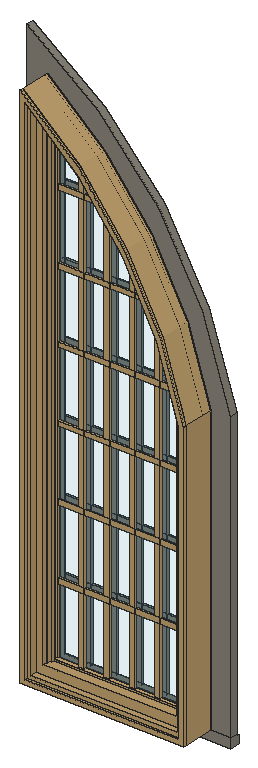
Revit family
Parameters (values of type "CUCART25")
  Window Type = "Clad Ultimate Casement Round Top RT25"
  Void Offset 2 = if(Subsill Visibility, 0' 0", 0' 9")  # 0' - 0"
  Void Offset = if(Casing Visibility, 0' 0", 0' 9")  # 0' - 0"
  URL = "www.marvin.com"
  Subsill Height_2 = if(Subsill A217, 0' 1 11/32", 0' 0 9/16")  # 0' - 1 11/32"
  Subsill Height = if(Subsill A217 Visibility, 0' 1 11/32", if(Subsill A246 Visibility, 0' 0 9/16", 0' 0"))  # 0' - 1 11/32"
  Subsill A246 Visibility = and(Subsill Visibility, Subsill A246)  # no
  Subsill A217 Visibility = and(Subsill Visibility, Subsill A217)  # yes
  Radius = 5' - 0"
  Plan Swing Angle [instance] = 15.00°
  Muntins Interior Visibility = yes
  Muntins Interior Material = Wood-Marvin-Pine
  Muntins Exterior Visibility = yes
  Muntins Exterior Material = Aluminum-Marvin-Bronze
  Mask Offset [instance] = if(Inset to Installation Flange = 0' 1 3/32", 0' 0 1/32", 0' 0")  # 0' - 0"
  Lites Wide = 5
  Lites High = 7
  Interior Material = Wood-Marvin-Pine
  Frame = "Aluminum Clad"
  Flat Casing Visibility = and(Casing Visibility, Flat Casing)  # yes
  Egress Window = ""
  Design Pressure = "DP50"
  Cladding Material = Aluminum-Marvin-Bronze
  Center_V = sin(Angle 3) * Radius  # 1' - 1.04339"
  Center_H = cos(Angle 3) * Radius  # 4' - 10.56509"
  Casing Width_2 = if(BMC, 0' 1 5/16", 0' 3")  # 0' - 3"
  Casing Visibility = yes
  Subsill Visibility = yes
  BMC Visibility = and(Casing Visibility, BMC)  # no
  BMC = no
  Flat Casing = not(BMC)  # yes
  Subsill A246 = no
  Subsill A217 = not(Subsill A246)  # yes
  Plan Swing Visibility [instance] = yes
  Glazing Material = Glass-Marvin-IG Low E II with Argon
  Springline = 3' - 6"
  Nominal Width = 2' - 0"
  Nominal Height = 6' - 6"
  Model = "CUCART25"
  Mask [instance] = Inset to Installation Flange > 0' 1 3/32"  # no
  Manufacturer = "Marvin Windows and Doors"
  Label Visibility = no
  Glass Type = "IG Low E II with Argon"
  Family created by = "www.rbuiltcomponents.com"
  Rough Width = Width + 0' 1"  # 2' - 1"
  Rough Height = Height + 0' 0 1/2"  # 6' - 6 1/2"
  Jamb Extension Visibility = yes
  Inset to Installation Flange [instance] = 0' - 1"
  Height = Nominal Height  # 6' - 6"
  Elev Swing Visibility [instance] = yes
  Description = "CSMT RT25"
  Default Head Height = 8' - 0"
  Wall Closure = (empty or 0)
  Width = Nominal Width  # 2' - 0"
  DLO Width = Width - 0' 5 13/16"  # 1' - 6 3/16"
  DLO Height = Height - 0' 5 13/16"  # 6' - 0 3/16"
  Casing Width = if(BMC Visibility, 0' 1 5/16", if(Flat Casing Visibility, 0' 3", 0' 0"))  # 0' - 3"
  Assembly Code = ""
  Bulge = Radius - (sqrt(Radius ^ 2 - (Chord ^ 2 / 4)))  # 0' - 4.03573"
  Chord = sqrt((Height - Springline) ^ 2 + Width ^ 2)  # 3' - 7.26662"
  Angle 3 = Angle 1 - Angle 2  # 12.5558°
  Angle 2 = asin(0.5 * Chord / Radius)  # 21.1343°
  Angle 1 = asin(Width / Chord)  # 33.6901°
Reference planes (in)
  plane 1 "Center (Front/Back)": y = 0
  plane 2: z = 0
  plane 3 "Center (Left/Right)": x = -3
  plane 4 "Left": x = -15
  plane 5 "Right": x = 9
  plane 6 "Sill": z = 18
  plane 7 "Top": z = 96
  plane 8 "Inset": y = 2
  plane 9 "Glazing": y = 1.53125
  plane 10 "Jamb Ext Face": y = -2.5625
  plane 11: z = 57
  plane 12: z = 60
  plane 13: y = -2.59375
  plane 14: x = -49.56509
  plane 15: z = 46.95661
Forms (in)
  Sweep 1, solid, material "Wood-Marvin-Pine" <- "Interior Material"
    path origin (0, 2, 0) x (1, 0, 0) y (0, 0, 1)
      loop
        line (-15, 96) -> (-15, 18) -> (9, 18) -> (9, 60)
        arc (9, 60) -> (0.35793, 80.23862) -> (-15, 96) r 60
    profile "Profile_Ext_Clad_Frame : Profile_Ext_Clad_Frame" origin (-15, 2, 57) x (1, 0, 0) y (0, -1, 0)
      loop
        line (0, 4.56199) -> (0, 0.0625) -> (0.0625, 0.0625) -> (0.0625, 0) -> (0, 0) -> (0, -1.09401) -> (0.52105, -1.09401) -> (0.6063, 0.125) -> (2.696, 0.125) -> (2.696, 0.22017) -> (2.90625, 0.43042) -> (2.90625, 0.47297) -> (2.208, 0.47297) -> (2.208, 1.50299) -> (2.90625, 1.50299) -> (2.90625, 1.66374) -> (2.677, 1.89299) -> (2.677, 2) -> (2.5005, 2) -> (2.5005, 2.34399) -> (2.313, 2.34399) -> (2.313, 2.87449) -> (2.1255, 2.87449) -> (2.1255, 3.53074) -> (1.188, 3.53074) -> (1.188, 4.56199) -> (0, 4.56199)
  Extrusion 2, solid, material "Glass-Marvin-IG Low E II with Argon" <- "Glazing Material"
    sketch origin (0, 1.53125, 0) x (1, 0, 0) y (0, 0, 1)
      loop
        line (9, 18) -> (9, 60)
        arc (9, 60) -> (0.35793, 80.23862) -> (-15, 96) r 60
        line (-15, 96) -> (-15, 18) -> (9, 18)
    from 0 to 1.03424
  Extrusion 3, void
    sketch origin (0, 0, 0) x (1, 0, 0) y (0, 0, 1)
      loop
        line (9, 18) -> (9, 60)
        arc (9, 60) -> (0.35793, 80.23862) -> (-15, 96) r 60
        line (-15, 96) -> (-15, 18) -> (9, 18)
    from -3 to 3
  Sweep 4, solid, material "Aluminum-Marvin-Bronze" <- "Cladding Material", visible <- "BMC Visibility"
    path origin (0, 2, 0) x (1, 0, 0) y (0, 0, 1)
      loop
        line (9, 18) -> (9, 60)
        arc (9, 60) -> (0.35793, 80.23862) -> (-15, 96) r 60
        line (-15, 96) -> (-15, 18)
    profile "BMC_Clad : BMC_Clad" origin (-15, 2, 57) x (1, 0, 0) y (0, -1, 0)
      loop
        line (-0.71589, -1.25) -> (-0.38081, -1.09375) -> (0, -1.09375) -> (0, 0) -> (-1.3125, 0) -> (-1.3125, -1.25) -> (-0.71589, -1.25)
  Sweep 5, solid, material "Aluminum-Marvin-Bronze" <- "Cladding Material", visible <- "Flat Casing Visibility"
    path origin (0, 2, 0) x (1, 0, 0) y (0, 0, 1)
      loop
        line (-15, 18) -> (-15, 96)
        arc (-15, 96) -> (0.35793, 80.23862) -> (9, 60) r 60
        line (9, 60) -> (9, 18)
    profile "Flat_Casing_Clad : Flat_Casing_Clad" origin (9, 2, 39) x (1, 0, 0) y (0, -1, 0)
      loop
        line (3, -1.09375) -> (3, 0) -> (0, 0) -> (0, -1.09375) -> (3, -1.09375)
  Sweep 6, solid, material "Aluminum-Marvin-Bronze" <- "Cladding Material", visible <- "Subsill Visibility"
    path origin (0, 2, 0) x (1, 0, 0) y (0, 0, 1)
      loop
        line (12, 18) -> (-18, 18)
    profile origin (-3, 2, 18) x (0, 0, -1) y (0, -1, 0)
      loop
        line (0, 0) -> (0, -1.09401) -> (0.15265, -1.09401) -> (0.1875, -1.34375) -> (1.34375, -1.34375) -> (1.34375, 0) -> (0, 0)
  Sweep 7, solid, material "Wood-Marvin-Pine" <- "Interior Material"
    path in 3D
      loop
        line (-12.8745, -1.53074, 20.1255) -> (6.8745, -1.53074, 20.1255)
    profile "Profile_Sill_Close : Profile_Sill_Close" origin (-3, -1.53074, 20.1255) x (0, 1, 0) y (0, 0, 1)
      loop
        line (0, 0) -> (0.65625, 0) -> (0.65625, 0.1875) -> (1.18675, 0.1875) -> (1.18675, 0.375) -> (0, 0.375) -> (0, 0)
  Sweep 8, void
    path origin (0, 2, 0) x (1, 0, 0) y (0, 0, 1)
      loop
        line (-15, 18) -> (-15, 96)
        arc (-15, 96) -> (0.35793, 80.23862) -> (9, 60) r 60
        line (9, 60) -> (9, 18)
    profile origin (9, 2, 39) x (0, -1, 0) y (1, 0, 0)
      loop
        line (0, 0) -> (0, 3) -> (-13, 3) -> (-13, 0) -> (0, 0)
  Sweep 9, void
    path origin (0, 2, 0) x (1, 0, 0) y (0, 0, 1)
      loop
        line (-18, 18) -> (12, 18)
    profile origin (-3, 2, 18) x (0, 0, 1) y (0, -1, 0)
      loop
        line (0, 0) -> (-1.34375, 0) -> (-1.34375, -12) -> (0, -12) -> (0, 0)
  Sweep 10, solid, material "Wood-Marvin-Pine" <- "Interior Material", visible <- "Jamb Extension Visibility"
    path origin (0, -2.5625, 0) x (1, 0, 0) y (0, 0, 1)
      loop
        line (9, 18) -> (9, 60)
        arc (9, 60) -> (0.35793, 80.23862) -> (-15, 96) r 60
        line (-15, 96) -> (-15, 18) -> (9, 18)
    profile origin (-3, -2.5625, 18) x (0, 0, -1) y (0, -1, 0)
      loop
        line (0, 0.03125) -> (0, 0.4375) -> (-0.6875, 0.4375) -> (-0.6875, 0.03125) -> (0, 0.03125)
Cuts and joins
  joined: Sweep 1, Sweep 7
Lines and regions (in)
  Masking region 1
    outline origin (0, 0, 18) x (0, -1, 0) y (1, 0, 0)
      loop
        line (-3.09401, -15) -> (2.59375, -15) -> (2.59375, 9) -> (-3.09401, 9) -> (-3.09401, -15)
  Masking region 2
    outline origin (-3, 0, 0) x (0, 1, 0) y (0, 0, 1)
      loop
        line (3.09375, 96) -> (-2.5625, 96) -> (-2.5625, 18) -> (3.09375, 18) -> (3.09375, 96)
  Masking region 3, visible <- "Mask"
    outline origin (0, 0, 18) x (0, -1, 0) y (1, 0, 0)
      loop
        line (-3.09401, -18) -> (-3, -18) -> (-3, 12) -> (-3.09401, 12) -> (-3.09401, -18)
  Masking region 4, visible <- "Mask"
    outline origin (-3, 0, 0) x (0, 1, 0) y (0, 0, 1)
      loop
        line (3.09375, 99) -> (3, 99) -> (3, 16.65625) -> (3.09375, 16.65625) -> (3.09375, 99)
  Masking region 5, visible <- "Casing Visibility"
    outline origin (0, 0, 18) x (0, -1, 0) y (1, 0, 0)
      loop
        line (-3.09401, -18) -> (-2, -18) -> (-2, -15) -> (-3.09401, -15) -> (-3.09401, -18)
      loop
        line (-3.09401, 9) -> (-2, 9) -> (-2, 12) -> (-3.09401, 12) -> (-3.09401, 9)
  Masking region 6, visible <- "Subsill Visibility"
    outline origin (-3, 0, 0) x (0, 1, 0) y (0, 0, 1)
      loop
        line (3.34375, 16.65625) -> (3.34375, 17.8125) -> (3.09401, 17.84735) -> (3.09401, 18) -> (2, 18) -> (2, 16.65625) -> (3.34375, 16.65625)
  Masking region 7, visible <- "Casing Visibility"
    outline origin (-3, 0, 0) x (0, 1, 0) y (0, 0, 1)
      loop
        line (3.09375, 99) -> (2, 99) -> (2, 96) -> (3.09375, 96) -> (3.09375, 99)
  Masking region 8
    outline origin (0, 0, 18) x (0, -1, 0) y (1, 0, 0)
      loop
        line (2.59375, -15) -> (3, -15) -> (3, 9) -> (2.59375, 9) -> (2.59375, -15)
  Masking region 9
    outline origin (-3, 0, 0) x (0, 1, 0) y (0, 0, 1)
      loop
        line (-2.59375, 96) -> (-3, 96) -> (-3, 18) -> (-2.59375, 18) -> (-2.59375, 96)
  symbolic lines, style "Jamb Extension", visible <- "Jamb Extension Visibility", detail levels fine
    curve 1: line (-3, -3, 95.3125) -> (-3, -2.59375, 95.3125)
    curve 2: line (-3, -3, 18.6875) -> (-3, -2.59375, 18.6875)
    curve 49: line (-14.3125, -2.59375, 18) -> (-14.3125, -3, 18)
    curve 50: line (8.3125, -3, 18) -> (8.3125, -2.59375, 18)
    curve 51: line (9, -3, 18) -> (8.3125, -3, 18)
    curve 52: line (-14.3125, -3, 18) -> (-15, -3, 18)
  symbolic lines, style "WindowsFrameMullionProjection", detail levels coarse+medium
    curve 3: line (9, -2.5625, 18) -> (7.812, -2.5625, 18)
    curve 4: line (7.812, -2.5625, 18) -> (7.812, 3.09401, 18)
    curve 5: line (7.812, 3.09401, 18) -> (9, 3.09401, 18)
    curve 6: line (7.812, 1.875, 18) -> (6.09375, 1.875, 18)
    curve 7: line (6.09375, 1.875, 18) -> (6.09375, 0, 18)
    curve 8: line (-13.812, 0, 18) -> (-12.09375, 0, 18)
    curve 9: line (-15, -2.5625, 18) -> (-13.812, -2.5625, 18)
    curve 10: line (-13.812, -2.5625, 18) -> (-13.812, 3.09401, 18)
    curve 11: line (-13.812, 3.09401, 18) -> (-15, 3.09401, 18)
    curve 12: line (-12.09375, 1.875, 18) -> (-12.09375, 0, 18)
    curve 13: line (-3, 3.09401, 96) -> (-3, 3.09401, 94.812)
    curve 14: line (-3, 3.09401, 94.812) -> (-3, -2.5625, 94.812)
    curve 15: line (-3, -2.5625, 94.812) -> (-3, -2.5625, 96)
    curve 16: line (-3, 1.875, 94.812) -> (-3, 1.875, 93.09375)
    curve 17: line (-3, 1.875, 93.09375) -> (-3, 0, 93.09375)
    curve 18: line (-3, 0, 19.188) -> (-3, 0, 20.90625)
    curve 19: line (-3, 3.09401, 18) -> (-3, 3.09401, 19.188)
    curve 20: line (-3, 3.09401, 19.188) -> (-3, -2.5625, 19.188)
    curve 21: line (-3, -2.5625, 19.188) -> (-3, -2.5625, 18)
    curve 22: line (-3, 1.875, 20.90625) -> (-3, 0, 20.90625)
    curve 23: line (6.09375, 1.875, 18) -> (-12.09375, 1.875, 18)
    curve 24: line (6.09375, 0, 18) -> (7.812, 0, 18)
    curve 25: line (-12.09375, 1.875, 18) -> (-13.812, 1.875, 18)
    curve 26: line (-3, 0, 20.90625) -> (-3, 0, 93.09375)
    curve 27: line (-3, 1.875, 20.90625) -> (-3, 1.875, 19.188)
    curve 28: line (-3, 0, 93.09375) -> (-3, 0, 94.812)
    curve 29: line (-3, 1.875, 93.09375) -> (-3, 1.875, 20.90625)
    curve 38: line (-12.09375, 0, 18) -> (6.09375, 0, 18)
    curve 73: line (-3, -3, 96) -> (-3, 3.09375, 96)
    curve 84: line (-15, 3.09375, 18) -> (-15, -3, 18)
    curve 85: line (9, -3, 18) -> (9, 3.09375, 18)
  symbolic lines, style "Jamb Extension", visible <- "Jamb Extension Visibility"
    curve 30: line (-3, -3, 18.6875) -> (-3, -3, 18)
    curve 31: line (-3, -3, 95.3125) -> (-3, -3, 96)
  symbolic lines, style "WindowsFrameMullionProjection", visible <- "Jamb Extension Visibility", detail levels coarse+medium
    curve 32: line (-3, -2.59375, 95.3125) -> (-3, -3, 95.3125)
    curve 33: line (-3, -3, 95.3125) -> (-3, -3, 96)
    curve 34: line (-3, -2.59375, 18.6875) -> (-3, -3, 18.6875)
    curve 35: line (-3, -3, 18.6875) -> (-3, -3, 18)
    curve 53: line (-14.3125, -2.59375, 18) -> (-14.3125, -3, 18)
    curve 54: line (-15, -3, 18) -> (-14.3125, -3, 18)
    curve 55: line (8.3125, -3, 18) -> (8.3125, -2.59375, 18)
    curve 56: line (8.3125, -3, 18) -> (9, -3, 18)
  symbolic lines, style "Elevation Swing", visible <- "Elev Swing Visibility"
    curve 36: line (-14.3937, 0, 57) -> (8.3937, 0, 18.6063)
    curve 91: line (-14.3937, 0, 57) -> (0.35793, 0, 80.23862)
  symbolic lines, style "WindowsGlassProjection", detail levels coarse+medium
    curve 37: line (-12.09375, 0.9375, 18) -> (6.09375, 0.9375, 18)
    curve 69: line (-3, 0.9375, 20.90625) -> (-3, 0.9375, 93.09375)
  symbolic lines, style "Jamb Extension", visible <- "BMC Visibility", detail levels fine
    curve 39: line (-16.3125, 3.25, 18) -> (-15.71589, 3.25, 18)
    curve 40: line (-15.71589, 3.25, 18) -> (-15.38081, 3.09375, 18)
    curve 41: line (-16.3125, 3.09401, 18) -> (-16.3125, 3.25, 18)
    curve 42: line (9.71589, 3.25, 18) -> (10.3125, 3.25, 18)
    curve 43: line (9.38081, 3.09375, 18) -> (9.71589, 3.25, 18)
    curve 44: line (10.3125, 3.25, 18) -> (10.3125, 3.09401, 18)
    curve 45: line (-15.38081, 3.09375, 18) -> (-15, 3.09375, 18)
    curve 46: line (9.38081, 3.09375, 18) -> (9, 3.09375, 18)
    curve 75: line (-3, 3.25, 96.65144) -> (-3, 3.25, 99)
    curve 76: line (-3, 3.09375, 96) -> (-3, 3.09375, 96.38081)
    curve 77: line (-3, 3.09375, 96.38081) -> (-3, 3.25, 96.65144)
    curve 78: line (-3, 3.25, 99) -> (-3, 3.09375, 99)
  symbolic lines, style "Jamb Extension", visible <- "Flat Casing Visibility", detail levels fine
    curve 47: line (-15, 3.09401, 18) -> (-18, 3.09401, 18)
    curve 48: line (12, 3.09401, 18) -> (9, 3.09401, 18)
    curve 82: line (-3, 3.09375, 96) -> (-3, 3.09375, 99)
    curve 83: line (-3, 3.09375, 99) -> (-3, 2, 99)
  symbolic lines, style "WindowsFrameMullionProjection", visible <- "BMC Visibility", detail levels coarse+medium
    curve 57: line (-16.3125, 2, 18) -> (-16.3125, 3.25, 18)
    curve 58: line (-16.3125, 3.25, 18) -> (-15.71589, 3.25, 18)
    curve 59: line (-15.71589, 3.25, 18) -> (-15.38081, 3.09375, 18)
    curve 60: line (-15.38081, 3.09375, 18) -> (-15, 3.09375, 18)
    curve 61: line (10.3125, 3.25, 18) -> (10.3125, 2, 18)
    curve 62: line (9.38081, 3.09375, 18) -> (9.71589, 3.25, 18)
    curve 63: line (9.71589, 3.25, 18) -> (10.3125, 3.25, 18)
    curve 64: line (9, 3.09375, 18) -> (9.38081, 3.09375, 18)
    curve 70: line (-3, 3.25, 96.65144) -> (-3, 3.25, 99)
    curve 71: line (-3, 3.09375, 96) -> (-3, 3.09375, 96.38081)
    curve 72: line (-3, 3.09375, 96.38081) -> (-3, 3.25, 96.65144)
    curve 74: line (-3, 3.25, 99) -> (-3, 2, 99)
  symbolic lines, style "WindowsFrameMullionProjection", visible <- "Flat Casing Visibility", detail levels coarse+medium
    curve 65: line (12, 3.09401, 18) -> (9, 3.09401, 18)
    curve 66: line (12, 3.09401, 18) -> (12, 2, 18)
    curve 67: line (-18, 2, 18) -> (-18, 3.09401, 18)
    curve 68: line (-15, 3.09401, 18) -> (-18, 3.09401, 18)
    curve 80: line (-3, 3.09375, 96) -> (-3, 3.09375, 99)
    curve 81: line (-3, 3.09375, 99) -> (-3, 2, 99)
  symbolic lines, style "WindowsFrameMullionProjection", visible <- "Casing Visibility", detail levels coarse+medium
    curve 79: line (-3, 2, 99) -> (-3, 2, 96)
  symbolic lines, style "WindowsFrameMullionProjection", visible <- "Subsill Visibility", detail levels coarse+medium
    curve 86: line (-3, 3.09401, 17.84735) -> (-3, 3.09401, 18)
    curve 87: line (-3, 3.34375, 17.8125) -> (-3, 3.09401, 17.84735)
    curve 88: line (-3, 3.34375, 16.65625) -> (-3, 3.34375, 17.8125)
    curve 89: line (-3, 2, 16.65625) -> (-3, 3.34375, 16.65625)
  sketch lines
    curve 90: line (-12.8745, -1.53074, 20.1255) -> (6.8745, -1.53074, 20.1255)
  reference lines
    curve 92: line (9, 2, 60) -> (-15, 2, 96)
    curve 93: arc (9, 2, 60) -> (0.35793, 2, 80.23862) -> (-15, 2, 96) r 60
Text (in)
  text "EXTERIOR" at (-58.6888, 50.90694, 0), in view "Ref. Level"
  text "INTERIOR" at (-58.6888, -37.76638, 0), in view "Ref. Level"
  text "Exterior" at (0, 43.65631, 123.19604), in view "Left"
  text "Exterior" at (0, 18.29385, 125.04747), in view "Right"
Dimensions and locks (in)
  equal spacing: plane 4 "Left", plane 3 "Center (Left/Right)", plane 5 "Right"
  "Width": plane 4 "Left" to plane 5 "Right"
  "Height": plane 6 "Sill" to plane 7 "Top"
  "Inset to Installation Flange": host wall to plane 8 "Inset"
  locked: plane 9 "Glazing" to plane 8 "Inset" at 0.46875
  locked: plane 10 "Jamb Ext Face" to plane 8 "Inset" at 4.5625
  "Default Head Height": plane 2 to plane 7 "Top"
  locked: nested 2 to host wall at 12.00106
  locked: plane 9 "Glazing" to Extrusion 2 at 1.03424
  locked: curve 32 to plane 7 "Top" at 0.6875
  locked: plane 6 "Sill" to curve 34 at 0.6875
  equal spacing: plane 6 "Sill", plane 11, plane 7 "Top"
  "Casing Width": plane 5 "Right" to Sweep 6 sketch curve
  "Casing Width": Sweep 6 sketch curve to plane 4 "Left"
  locked: Sweep 6 sketch curve to Sweep 6 sketch curve at 1.34375
  "Subsill Height_2": Sweep 6 sketch curve to plane 6 "Sill"
  "Casing Width": Masking region 3 sketch curve to plane 4 "Left"
  "Casing Width": plane 5 "Right" to Masking region 3 sketch curve
  "Casing Width_2": Masking region 5 sketch curve to plane 4 "Left"
  "Casing Width_2": plane 5 "Right" to Masking region 5 sketch curve
  "Subsill Height": Masking region 4 sketch curve to plane 6 "Sill"
  "Casing Width": plane 7 "Top" to Masking region 4 sketch curve
  "Casing Width_2": plane 7 "Top" to Masking region 7 sketch curve
  locked: nested 5 to plane 9 "Glazing" at 1.03125
  "Casing Width_2": plane 5 "Right" to Sweep 8 sketch curve
  "Void Offset": plane 8 "Inset" to Sweep 8 sketch curve
  locked: Sweep 8 sketch curve to host wall at 12
  "Casing Width": Sweep 9 sketch curve to plane 4 "Left"
  "Casing Width": plane 5 "Right" to Sweep 9 sketch curve
  locked: Sweep 9 sketch curve to plane 8 "Inset" at 12
  "Void Offset 2": Sweep 9 sketch curve to plane 8 "Inset"
  "Subsill Height_2": Sweep 9 sketch curve to plane 6 "Sill"
  "Springline": plane 6 "Sill" to plane 12
  locked: Sweep 10 sketch curve to profile plane at 0.6875
  locked: plane 13 to plane 10 "Jamb Ext Face" at 0.03125
  "Mask Offset": Masking region 3 sketch curve to host wall
  "Mask Offset": Masking region 4 sketch curve to host wall
  "Center_H": plane 14 to plane 5 "Right"
  "Center_V": plane 15 to plane 12
  "Radius": curve 93 to curve 91
  "Radius": radius of curve 93
  aligned and locked: nested 1 to plane 3 "Center (Left/Right)"
  aligned and locked: plane 8 "Inset" to nested 1
  aligned and locked: Sweep 1 sketch curve to plane 6 "Sill"
  aligned and locked: plane 5 "Right" to Sweep 1 sketch curve
  aligned and locked: plane 5 "Right" to Masking region 1 sketch curve
  aligned and locked: Masking region 1 sketch curve to plane 4 "Left"
  aligned and locked: plane 7 "Top" to Masking region 2 sketch curve
  aligned and locked: Masking region 2 sketch curve to plane 6 "Sill"
  aligned and locked: plane 3 "Center (Left/Right)" to nested 2
  aligned and locked: curve 21 to plane 10 "Jamb Ext Face"
  aligned and locked: plane 6 "Sill" to curve 30
  aligned and locked: curve 30 to host wall
  aligned and locked: host wall to curve 33
  aligned and locked: plane 6 "Sill" to curve 35
  aligned and locked: Extrusion 2 to plane 9 "Glazing"
  aligned and locked: plane 9 "Glazing" to Extrusion 2
  aligned and locked: nested 3 to plane 6 "Sill"
  aligned and locked: curve 14 to nested 3
  aligned and locked: curve 13 to nested 3
  aligned and locked: curve 16 to nested 3
  aligned and locked: curve 28 to nested 3
  aligned and locked: curve 17 to nested 3
  aligned and locked: curve 19 to nested 3
  aligned and locked: curve 20 to nested 3
  aligned and locked: curve 22 to nested 3
  aligned and locked: curve 27 to nested 3
  aligned and locked: nested 3 to curve 18
  aligned and locked: host wall to Extrusion 3  (x2)
  aligned and locked: plane 5 "Right" to Extrusion 3 sketch curve
  aligned and locked: Extrusion 3 sketch curve to plane 6 "Sill"
  aligned and locked: Extrusion 3 sketch curve to plane 4 "Left"
  aligned and locked: plane 5 "Right" to Sweep 4 sketch curve
  aligned and locked: Sweep 4 sketch curve to plane 4 "Left"
  aligned and locked: plane 6 "Sill" to Sweep 4 sketch curve  (x2)
  aligned and locked: plane 6 "Sill" to Sweep 5 sketch curve  (x2)
  aligned and locked: Sweep 5 sketch curve to plane 4 "Left"
  aligned and locked: plane 6 "Sill" to Sweep 6 sketch curve  (x2)
  aligned and locked: Sweep 6 sketch curve to plane 8 "Inset"
  aligned and locked: Masking region 3 sketch curve to Sweep 1
  aligned and locked: Masking region 1 sketch curve to Sweep 1
  aligned and locked: plane 4 "Left" to Masking region 5 sketch curve
  aligned and locked: Masking region 5 sketch curve to Sweep 1  (x2)
  aligned and locked: Masking region 5 sketch curve to plane 8 "Inset"  (x2)
  aligned and locked: Masking region 5 sketch curve to plane 5 "Right"
  aligned and locked: curve 7 to curve 37
  aligned and locked: curve 12 to curve 38
  aligned and locked: curve 8 to curve 38
  aligned and locked: curve 39 to Sweep 4
  aligned and locked: Sweep 4 to curve 40
  aligned and locked: Sweep 4 to curve 41
  aligned and locked: Sweep 1 to curve 41
  aligned and locked: curve 43 to Sweep 4
  aligned and locked: curve 44 to Sweep 1
  aligned and locked: curve 46 to Sweep 4
  aligned and locked: plane 5 "Right" to curve 46
  aligned and locked: curve 47 to Masking region 5
  aligned and locked: curve 57 to Sweep 4
  aligned and locked: curve 60 to Sweep 4
  aligned and locked: curve 61 to Sweep 4
  aligned and locked: curve 65 to Masking region 5
  aligned and locked: curve 66 to Sweep 5
  aligned and locked: curve 67 to Sweep 5
  aligned and locked: Masking region 2 sketch curve to Sweep 5
  aligned and locked: nested 3 to plane 8 "Inset"
  aligned and locked: Masking region 4 sketch curve to Sweep 5
  aligned and locked: Masking region 6 sketch curve to Sweep 6  (x6)
  aligned and locked: Masking region 7 sketch curve to plane 7 "Top"
  aligned and locked: Masking region 7 sketch curve to plane 8 "Inset"
  aligned and locked: Masking region 7 sketch curve to Sweep 5
  aligned and locked: Sweep 4 to curve 71
  aligned and locked: curve 73 to nested 3
  aligned and locked: curve 74 to Masking region 7
  aligned and locked: Sweep 4 to curve 75
  aligned and locked: curve 79 to Sweep 4
  aligned and locked: curve 83 to Masking region 7
  aligned and locked: curve 84 to Sweep 5
  aligned and locked: curve 85 to Sweep 5
  aligned and locked: plane 11 to nested 4
  aligned and locked: nested 5 to plane 11
  aligned and locked: nested 4 to plane 3 "Center (Left/Right)"
  aligned and locked: plane 3 "Center (Left/Right)" to nested 5
  aligned and locked: plane 9 "Glazing" to nested 4
  aligned and locked: curve 86 to Sweep 6
  aligned and locked: curve 87 to Sweep 6
  aligned and locked: curve 88 to Sweep 6
  aligned and locked: curve 89 to Sweep 6
  aligned and locked: curve 25 to nested 1
  aligned and locked: curve 6 to nested 1
  aligned and locked: plane 6 "Sill" to Sweep 8 sketch curve  (x2)
  aligned and locked: plane 5 "Right" to Sweep 8 sketch curve
  aligned and locked: Sweep 9 sketch curve to plane 6 "Sill"  (x2)
  aligned and locked: Extrusion 2 sketch curve to plane 6 "Sill"
  aligned and locked: plane 5 "Right" to Extrusion 2 sketch curve
  aligned and locked: Extrusion 2 sketch curve to plane 4 "Left"
  aligned and locked: Sweep 8 sketch curve to plane 4 "Left"
  aligned and locked: curve 8 to cut or joined group of Sweep 1, Sweep 7
  aligned and locked: cut or joined group of Sweep 1, Sweep 7 to curve 24
  aligned and locked: plane 4 "Left" to Sweep 10 sketch curve
  aligned and locked: Sweep 10 sketch curve to plane 6 "Sill"
  aligned and locked: Sweep 10 sketch curve to plane 5 "Right"
  aligned and locked: host wall to Sweep 10 sketch curve
  aligned and locked: plane 6 "Sill" to Sweep 10 sketch curve
  aligned and locked: curve 36 to cut or joined group of Sweep 1, Sweep 7
  aligned and locked: plane 11 to curve 36
  aligned and locked: plane 7 "Top" to curve 93
  aligned and locked: plane 12 to curve 93
  aligned and locked: host wall to curve 85
  aligned and locked: host wall to curve 84
  aligned and locked: Sweep 10 sketch curve to plane 13
  aligned and locked: plane 13 to curve 49
  aligned and locked: plane 13 to curve 53
  aligned and locked: plane 13 to curve 55
  aligned and locked: plane 13 to curve 50
  aligned and locked: Masking region 1 sketch curve to plane 13
  aligned and locked: Masking region 8 sketch curve to plane 4 "Left"
  aligned and locked: plane 5 "Right" to Masking region 8 sketch curve
  aligned and locked: plane 13 to Masking region 8 sketch curve
  aligned and locked: Masking region 8 sketch curve to host wall
  aligned and locked: plane 13 to curve 2
  aligned and locked: plane 13 to curve 34
  aligned and locked: plane 13 to curve 1
  aligned and locked: plane 13 to curve 32
  aligned and locked: Masking region 2 sketch curve to plane 10 "Jamb Ext Face"
  aligned and locked: plane 7 "Top" to Masking region 9 sketch curve
  aligned and locked: Masking region 9 sketch curve to plane 6 "Sill"
  aligned and locked: plane 13 to Masking region 9 sketch curve
  aligned and locked: Masking region 9 sketch curve to host wall
  aligned and locked: plane 14 to curve 93
  aligned and locked: plane 15 to curve 93
  aligned and locked: Sweep 8 sketch curve to curve 93
  aligned and locked: Sweep 5 sketch curve to curve 93
  aligned and locked: Sweep 4 sketch curve to curve 93
  aligned and locked: Sweep 1 sketch curve to curve 93
  aligned and locked: Sweep 10 sketch curve to curve 93
  aligned and locked: Extrusion 3 sketch curve to curve 93
  aligned and locked: Sweep 5 sketch curve to plane 5 "Right"
  aligned and locked: Sweep 8 sketch curve to plane 5 "Right"
  aligned and locked: Sweep 1 sketch curve to plane 4 "Left"
  aligned and locked: Extrusion 2 sketch curve to curve 93
Automatic sketch dimensions
  Sweep 6 sketch curve to Sweep 6 sketch curve = 0' - 0.15265"
  Sweep 6 sketch curve to Sweep 6 sketch curve = 0' - 0.03485"
  Sweep 6 sketch curve to Sweep 6 sketch curve = 0' - 0.24974"
  curve 57 to plane 8 "Inset" = 0' - 0"
  curve 66 to plane 8 "Inset" = 0' - 0"
  curve 67 to plane 8 "Inset" = 0' - 0"
  curve 61 to plane 8 "Inset" = 0' - 0"
  curve 3 to plane 10 "Jamb Ext Face" = 0' - 0"
  curve 9 to plane 10 "Jamb Ext Face" = 0' - 0"
  curve 11 to plane 4 "Left" = 0' - 0"
  curve 5 to plane 5 "Right" = 0' - 0"
  curve 42 to curve 43 = 0' - 0 5/32"
  plane 9 "Glazing" to curve 37 = 0' - 0 19/32"
  curve 54 to plane 4 "Left" = 0' - 0 11/16"
  curve 49 to curve 9 = 0' - 0.5005"
  curve 25 to curve 12 = 0' - 1.71825"
  plane 5 "Right" to curve 38 = 0' - 2 29/32"
  curve 4 to curve 5 = 0' - 1.188"
  curve 51 to curve 51 = 0' - 0 11/16"
  curve 15 to plane 10 "Jamb Ext Face" = 0' - 0"
  curve 89 to plane 8 "Inset" = 0' - 0"
  curve 21 to plane 6 "Sill" = 0' - 0"
  curve 86 to plane 6 "Sill" = 0' - 0"
  curve 13 to plane 7 "Top" = 0' - 0"
  curve 79 to plane 7 "Top" = 0' - 0"
  plane 9 "Glazing" to curve 69 = 0' - 0 19/32"
  curve 71 to curve 71 = 0' - 0.38081"
  curve 71 to curve 70 = 0' - 0.27063"
  plane 3 "Center (Left/Right)" to curve 91 = 0' - 3.35793"
  curve 36 to plane 4 "Left" = 0' - 0.6063"
  curve 36 to plane 6 "Sill" = 0' - 0.6063"
Nested families (in)
  nested 1: "Roundtop_Plan_Detail" at (-3, 2, 18) x (-1, 0, 0) z (0, 0, -1), type "Roundtop_Plan_Detail"
    with Plan Swing LH no
  nested 2: "Label Annotation 1-16 w4" at (-3, 15.00106, 0), visible <- "Label Visibility", type "Label Annotation 1-16 w4"
    with Nominal Width 2' - 0", Nominal Height 6' - 6"
  nested 3: "Roundtop_Section_Detail" at (-3, 2, 18) x (0, -1, 0) z (1, 0, 0), type "Roundtop_Section_Detail", detail levels fine
    with Height 6' - 6"
  nested 4: "Muntins" at (-3, 1.53125, -15.09375), Muntin Material <- "Muntins Exterior Material", visible <- "Muntins Exterior Visibility", type "Muntins"
    with Muntin Material Aluminum-Marvin-Bronze, Radius 5' - 0", GlazingWidth 1' - 6 3/16", GlazingHeight 6' - 0 3/16", Width 1' - 6 5/8", Height 6' - 0 5/8", Inset Vert 0' - 3.35", Inset Horiz 0' - 10", Center V 1' - 1.04339", Center H 4' - 10.56509", Bulge 0' - 4.03573"
  nested 5: "Muntins" at (-3, 0.5, -15.09375), Muntin Material <- "Muntins Interior Material", visible <- "Muntins Interior Visibility", type "Muntins"
    with Muntin Material Wood-Marvin-Pine, Radius 5' - 0", GlazingWidth 1' - 6 3/16", GlazingHeight 6' - 0 3/16", Width 1' - 6 5/8", Height 6' - 0 5/8", Inset Vert 0' - 3.35", Inset Horiz 0' - 10", Center V 1' - 1.04339", Center H 4' - 10.56509", Bulge 0' - 4.03573"
Definition of nested family "Muntins"
  Parameters (values of type "Muntins")
    Springline = 3' - 6"
    Radius = 12' - 6 1/16"
    GlazingWidth = 2' - 2 15/32"
    GlazingHeight = 5' - 9 59/64"
    Width = GlazingWidth + 0' 0 7/16"  # 2' - 2 29/32"
    VerticalMuntins = if(LitesHorizontal < 3, 2, LitesHorizontal - 1)  # 4
    VertMuntVisible = LitesHorizontal > 2  # yes
    MuntinWidth = 0' - 0 3/4"
    MuntinDepth = 0' - 0 1/4"
    Muntin Material [instance] = none
    LitesVertical = 7
    LitesHorizontal = 5
    HorizontalMuntins = if(LitesVertical < 3, 2, LitesVertical - 1)  # 6
    HorizMuntVisible = LitesVertical > 2  # yes
    Height = GlazingHeight + 0' 0 7/16"  # 5' - 10 23/64"
    Inset Vert = if(LitesHorizontal < 3, (Width / 3) - (MuntinWidth / 2), (Width / LitesHorizontal) - (MuntinWidth / 2))  # 0' - 5.00625"
    Inset Horiz = if(LitesVertical < 3, (Height / 3) - (MuntinWidth / 2), (Height / LitesVertical) - (MuntinWidth / 2))  # 0' - 9.67634"
    CenterMuntinVertical = LitesHorizontal = 2  # no
    CenterMuntinHorizontal = LitesVertical = 2  # no
    Center V = 6' - 11.95573"
    Center H = 10' - 5.28551"
    Bulge = 0' - 2"
    Assembly Code = ""
  Reference planes (in)
    plane 1 "Center (Front/Back)": y = 0
    plane 2: z = 0
    plane 3 "Center (Left/Right)": x = 0
    plane 4: z = 35.78125
    plane 5: z = 70.96094
    plane 6: z = 106.14063
    plane 7: z = 96.46429
    plane 8: z = 45.45759
    plane 9: z = 105.92188
    plane 10: z = 36
    plane 11: x = -13.23437
    plane 12: x = 13.23438
    plane 13: x = -8.44687
    plane 14: x = -13.45312
    plane 15: x = 13.45313
    plane 16: x = 8.44688
    plane 17: z = 33.09375
    plane 18: z = 71.09375
    plane 19: x = -16.14063
    plane 20: x = 16.14063
    plane 21: z = 108.82813
    plane 22: z = 75.09375
    plane 23: z = -8.86198
    plane 24: x = -109.14488
  Forms (in)
    Extrusion 1, solid, material <- "Muntin Material", visible <- "CenterMuntinVertical", detail levels medium+fine
      sketch origin (9, 0, 0) x (1, 0, 0) y (0, 0, 1)
        loop
          line (-9.375, 106.14063) -> (-9.375, 35.78125) -> (-8.625, 35.78125) -> (-8.625, 106.14063) -> (-9.375, 106.14063)
      from 0 to 0.25 <- "MuntinDepth"
    Extrusion 2, solid, material <- "Muntin Material", visible <- "CenterMuntinHorizontal", detail levels medium+fine
      sketch origin (-0.0013, 0, 14.6875) x (1, 0, 0) y (0, 0, 1)
        loop
          line (-13.45182, 56.64844) -> (-13.45182, 55.89844) -> (13.45443, 55.89844) -> (13.45443, 56.64844) -> (-13.45182, 56.64844)
      from 0 to 0.25 <- "MuntinDepth"
    Extrusion 3, solid, material <- "Muntin Material", visible <- "VertMuntVisible", detail levels medium+fine
      sketch origin (1.94301, 0, -2.90625) x (1, 0, 0) y (0, 0, 1)
        loop
          line (-10.38988, 109.04688) -> (-10.38988, 38.6875) -> (-9.63988, 38.6875) -> (-9.63988, 109.04688) -> (-10.38988, 109.04688)
      from 0 to 0.25 <- "MuntinDepth"
    Extrusion 4, solid, material <- "Muntin Material", visible <- "HorizMuntVisible", detail levels medium+fine
      sketch origin (-1.86198, 0, -0.43973) x (1, 0, 0) y (0, 0, 1)
        loop
          line (-11.59115, 46.64732) -> (-11.59115, 45.89732) -> (15.3151, 45.89732) -> (15.3151, 46.64732) -> (-11.59115, 46.64732)
      from 0 to 0.25 <- "MuntinDepth"
    Extrusion 5, solid, material <- "Muntin Material", visible <- "CenterMuntinVertical", detail levels coarse
      sketch origin (9, 0, 0) x (1, 0, 0) y (0, 0, 1)
        loop
          line (-9.03125, 106.14063) -> (-9.03125, 35.78125) -> (-8.96875, 35.78125) -> (-8.96875, 106.14063) -> (-9.03125, 106.14063)
      from 0 to 0.0625
    Extrusion 6, solid, material <- "Muntin Material", visible <- "VertMuntVisible", detail levels coarse
      sketch origin (1.92738, 0, 0) x (1, 0, 0) y (0, 0, 1)
        loop
          line (-10.01488, 106.14063) -> (-10.01488, 35.78125) -> (-9.98363, 35.78125) -> (-9.98363, 106.14063) -> (-10.01488, 106.14063)
      from 0 to 0.0625
    Extrusion 7, solid, material <- "Muntin Material", visible <- "CenterMuntinHorizontal", detail levels coarse
      sketch origin (-0.0013, 0, 14.6875) x (1, 0, 0) y (0, 0, 1)
        loop
          line (-13.45182, 56.30469) -> (-13.45182, 56.24219) -> (13.45443, 56.24219) -> (13.45443, 56.30469) -> (-13.45182, 56.30469)
      from 0 to 0.0625
    Extrusion 8, solid, material <- "Muntin Material", visible <- "HorizMuntVisible", detail levels coarse
      sketch origin (-7.86068, 0, -3.08036) x (1, 0, 0) y (0, 0, 1)
        loop
          line (-5.59245, 48.95982) -> (-5.59245, 48.89732) -> (21.3138, 48.89732) -> (21.3138, 48.95982) -> (-5.59245, 48.95982)
      from 0 to 0.0625
    Extrusion 9, solid, material <- "Muntin Material", visible <- "VertMuntVisible", detail levels medium+fine
      sketch origin (18.08676, 0, -2.90625) x (1, 0, 0) y (0, 0, 1)
        loop
          line (-10.38988, 109.04688) -> (-10.38988, 38.6875) -> (-9.63988, 38.6875) -> (-9.63988, 109.04688) -> (-10.38988, 109.04688)
      from 0 to 0.25 <- "MuntinDepth"
    Extrusion 10, solid, material <- "Muntin Material", visible <- "VertMuntVisible", detail levels coarse
      sketch origin (18.07113, 0, 0) x (1, 0, 0) y (0, 0, 1)
        loop
          line (-10.01488, 106.14063) -> (-10.01488, 35.78125) -> (-9.98363, 35.78125) -> (-9.98363, 106.14063) -> (-10.01488, 106.14063)
      from 0 to 0.0625
    Extrusion 11, solid, material <- "Muntin Material", visible <- "VertMuntVisible", detail levels medium+fine
      sketch origin (7.32426, 0, -2.90625) x (1, 0, 0) y (0, 0, 1)
        loop
          line (-10.38988, 109.04688) -> (-10.38988, 38.6875) -> (-9.63988, 38.6875) -> (-9.63988, 109.04688) -> (-10.38988, 109.04688)
      from 0 to 0.25 <- "MuntinDepth"
    Extrusion 12, solid, material <- "Muntin Material", visible <- "VertMuntVisible", detail levels coarse
      sketch origin (7.30863, 0, 0) x (1, 0, 0) y (0, 0, 1)
        loop
          line (-10.01488, 106.14063) -> (-10.01488, 35.78125) -> (-9.98363, 35.78125) -> (-9.98363, 106.14063) -> (-10.01488, 106.14063)
      from 0 to 0.0625
    Extrusion 13, solid, material <- "Muntin Material", visible <- "HorizMuntVisible", detail levels medium+fine
      sketch origin (-1.86198, 0, 49.81696) x (1, 0, 0) y (0, 0, 1)
        loop
          line (-11.59115, 46.64732) -> (-11.59115, 45.89732) -> (15.3151, 45.89732) -> (15.3151, 46.64732) -> (-11.59115, 46.64732)
      from 0 to 0.25 <- "MuntinDepth"
    Extrusion 14, solid, material <- "Muntin Material", visible <- "HorizMuntVisible", detail levels coarse
      sketch origin (-7.86068, 0, 47.17634) x (1, 0, 0) y (0, 0, 1)
        loop
          line (-5.59245, 48.95982) -> (-5.59245, 48.89732) -> (21.3138, 48.89732) -> (21.3138, 48.95982) -> (-5.59245, 48.95982)
      from 0 to 0.0625
    Extrusion 15, solid, material <- "Muntin Material", visible <- "HorizMuntVisible", detail levels medium+fine
      sketch origin (-1.86198, 0, 9.61161) x (1, 0, 0) y (0, 0, 1)
        loop
          line (-11.59115, 46.64732) -> (-11.59115, 45.89732) -> (15.3151, 45.89732) -> (15.3151, 46.64732) -> (-11.59115, 46.64732)
      from 0 to 0.25 <- "MuntinDepth"
    Extrusion 16, solid, material <- "Muntin Material", visible <- "HorizMuntVisible", detail levels coarse
      sketch origin (-7.86068, 0, 6.97098) x (1, 0, 0) y (0, 0, 1)
        loop
          line (-5.59245, 48.95982) -> (-5.59245, 48.89732) -> (21.3138, 48.89732) -> (21.3138, 48.95982) -> (-5.59245, 48.95982)
      from 0 to 0.0625
    Extrusion 17, solid, material <- "Muntin Material", visible <- "HorizMuntVisible", detail levels medium+fine
      sketch origin (-1.86198, 0, 19.66295) x (1, 0, 0) y (0, 0, 1)
        loop
          line (-11.59115, 46.64732) -> (-11.59115, 45.89732) -> (15.3151, 45.89732) -> (15.3151, 46.64732) -> (-11.59115, 46.64732)
      from 0 to 0.25 <- "MuntinDepth"
    Extrusion 18, solid, material <- "Muntin Material", visible <- "HorizMuntVisible", detail levels coarse
      sketch origin (-7.86068, 0, 17.02232) x (1, 0, 0) y (0, 0, 1)
        loop
          line (-5.59245, 48.95982) -> (-5.59245, 48.89732) -> (21.3138, 48.89732) -> (21.3138, 48.95982) -> (-5.59245, 48.95982)
      from 0 to 0.0625
    Extrusion 19, solid, material <- "Muntin Material", visible <- "VertMuntVisible", detail levels medium+fine
      sketch origin (12.70551, 0, -2.90625) x (1, 0, 0) y (0, 0, 1)
        loop
          line (-10.38988, 109.04688) -> (-10.38988, 38.6875) -> (-9.63988, 38.6875) -> (-9.63988, 109.04688) -> (-10.38988, 109.04688)
      from 0 to 0.25 <- "MuntinDepth"
    Extrusion 20, solid, material <- "Muntin Material", visible <- "VertMuntVisible", detail levels coarse
      sketch origin (12.68988, 0, 0) x (1, 0, 0) y (0, 0, 1)
        loop
          line (-10.01488, 106.14063) -> (-10.01488, 35.78125) -> (-9.98363, 35.78125) -> (-9.98363, 106.14063) -> (-10.01488, 106.14063)
      from 0 to 0.0625
    Extrusion 21, solid, material <- "Muntin Material", visible <- "HorizMuntVisible", detail levels medium+fine
      sketch origin (-1.86198, 0, 29.71429) x (1, 0, 0) y (0, 0, 1)
        loop
          line (-11.59115, 46.64732) -> (-11.59115, 45.89732) -> (15.3151, 45.89732) -> (15.3151, 46.64732) -> (-11.59115, 46.64732)
      from 0 to 0.25 <- "MuntinDepth"
    Extrusion 22, solid, material <- "Muntin Material", visible <- "HorizMuntVisible", detail levels coarse
      sketch origin (-7.86068, 0, 27.07366) x (1, 0, 0) y (0, 0, 1)
        loop
          line (-5.59245, 48.95982) -> (-5.59245, 48.89732) -> (21.3138, 48.89732) -> (21.3138, 48.95982) -> (-5.59245, 48.95982)
      from 0 to 0.0625
    Extrusion 23, solid, material <- "Muntin Material", visible <- "HorizMuntVisible", detail levels medium+fine
      sketch origin (-1.86198, 0, 39.76562) x (1, 0, 0) y (0, 0, 1)
        loop
          line (-11.59115, 46.64732) -> (-11.59115, 45.89732) -> (15.3151, 45.89732) -> (15.3151, 46.64732) -> (-11.59115, 46.64732)
      from 0 to 0.25 <- "MuntinDepth"
    Extrusion 24, solid, material <- "Muntin Material", visible <- "HorizMuntVisible", detail levels coarse
      sketch origin (-7.86068, 0, 37.125) x (1, 0, 0) y (0, 0, 1)
        loop
          line (-5.59245, 48.95982) -> (-5.59245, 48.89732) -> (21.3138, 48.89732) -> (21.3138, 48.95982) -> (-5.59245, 48.95982)
      from 0 to 0.0625
    Sweep 25, void
      path in 3D
        loop
          arc (16.14063, 0, 73.73521) -> (1.40749, 0, 92.6118) -> (-16.14063, 0, 108.90458) r 150.0625
      profile origin (1.40749, 0, 92.6118) x (-0.736709, 0, -0.67621) y (0, -1, 0)
        loop
          line (-70.35938, -1) -> (2.75, -1) -> (2.75, 1) -> (-70.35938, 1) -> (-70.35938, -1)
  Cuts and joins
    Sweep 25 cuts Extrusion 1
    Sweep 25 cuts Extrusion 2
    Sweep 25 cuts Extrusion 3
    Sweep 25 cuts Extrusion 5
    Sweep 25 cuts Extrusion 6
    Sweep 25 cuts Extrusion 7
    Sweep 25 cuts Extrusion 9
    Sweep 25 cuts Extrusion 10
    Sweep 25 cuts Extrusion 11
    Sweep 25 cuts Extrusion 12
    Sweep 25 cuts Extrusion 13
    Sweep 25 cuts Extrusion 14
    Sweep 25 cuts Extrusion 19
    Sweep 25 cuts Extrusion 20
    Sweep 25 cuts Extrusion 23
    Sweep 25 cuts Extrusion 21
    Sweep 25 cuts Extrusion 17
    Sweep 25 cuts Extrusion 15
    Sweep 25 cuts Extrusion 24
    Sweep 25 cuts Extrusion 22
    Sweep 25 cuts Extrusion 18
  Lines and regions (in)
    reference lines
      curve 1: line (16.14063, 0, 73.73521) -> (-16.14063, 0, 108.90458)
      curve 2: line (-16.14063, 0, 108.90458) -> (-16.14063, 0, 33.09375)
      curve 3: line (-16.14063, 0, 33.09375) -> (16.14063, 0, 33.09375)
      curve 4: line (16.14063, 0, 73.73521) -> (16.14063, 0, 33.09375)
      curve 5: line (-13.45312, 0, 103.35905) -> (-13.45312, 0, 35.78125)
      curve 6: line (-13.45312, 0, 35.78125) -> (13.45313, 0, 35.78125)
      curve 7: line (13.45313, 0, 35.78125) -> (13.45313, 0, 74.40273)
      curve 8: arc (16.14063, 0, 73.73521) -> (1.40749, 0, 92.6118) -> (-16.14063, 0, 108.90458) r 150.0625
    sketch lines
      curve 9: arc (16.14063, 0, 73.73521) -> (1.40749, 0, 92.6118) -> (-16.14063, 0, 108.90458) r 150.0625
  Dimensions and locks (in)
    "Inset Horiz": plane 6 to plane 7
    "Inset Horiz": plane 8 to plane 4
    equal spacing: plane 6, plane 5, plane 4
    "Height": plane 6 to plane 4
    "GlazingHeight": plane 9 to plane 10
    equal spacing: plane 9, plane 5, plane 10
    "GlazingWidth": plane 12 to plane 11
    equal spacing: plane 12, plane 3 "Center (Left/Right)", plane 11
    "MuntinWidth": Extrusion 1 sketch curve to Extrusion 1 sketch curve
    "Height": Extrusion 1 sketch curve to Extrusion 1 sketch curve
    "MuntinWidth": Extrusion 2 sketch curve to Extrusion 2 sketch curve
    "Width": Extrusion 2 sketch curve to Extrusion 2 sketch curve
    "MuntinWidth": Extrusion 3 sketch curve to Extrusion 3 sketch curve
    "Height": Extrusion 3 sketch curve to Extrusion 3 sketch curve
    "Width": plane 15 to plane 14
    equal spacing: plane 15, plane 3 "Center (Left/Right)", plane 14
    "Inset Vert": plane 13 to plane 14
    "Inset Vert": plane 15 to plane 16
    "MuntinWidth": Extrusion 4 sketch curve to Extrusion 4 sketch curve
    "Width": Extrusion 4 sketch curve to Extrusion 4 sketch curve
    locked: plane 10 to plane 17 at 2.90625
    Extrusion 5 sketch curve to plane 3 "Center (Left/Right)" to Extrusion 5 sketch curve = 0' - 0 1/32" locked, 0' - 0 1/32" locked
    "Height": Extrusion 5 sketch curve to Extrusion 5 sketch curve
    locked: Extrusion 6 sketch curve to Extrusion 6 sketch curve at 0.03125
    "Height": Extrusion 6 sketch curve to Extrusion 6 sketch curve
    locked: Extrusion 3 to Extrusion 6 at 0.35938
    equal spacing: Extrusion 7 sketch curve, plane 5, Extrusion 7 sketch curve
    "Width": Extrusion 7 sketch curve to Extrusion 7 sketch curve
    Extrusion 8 sketch curve to Extrusion 8 sketch curve = 0' - 0 1/16"
    "Width": Extrusion 8 sketch curve to Extrusion 8 sketch curve
    locked: Extrusion 8 to Extrusion 4 at 0.35937
    "MuntinWidth": Extrusion 9 sketch curve to Extrusion 9 sketch curve
    "Height": Extrusion 9 sketch curve to Extrusion 9 sketch curve
    locked: Extrusion 10 sketch curve to Extrusion 10 sketch curve at 0.03125
    "Height": Extrusion 10 sketch curve to Extrusion 10 sketch curve
    locked: Extrusion 9 to Extrusion 10 at 0.35938
    equal spacing: group 2, group 4, group 9, group 3  (x3)
    "MuntinWidth": Extrusion 11 sketch curve to Extrusion 11 sketch curve
    "Height": Extrusion 11 sketch curve to Extrusion 11 sketch curve
    locked: Extrusion 12 sketch curve to Extrusion 12 sketch curve at 0.03125
    "Height": Extrusion 12 sketch curve to Extrusion 12 sketch curve
    locked: Extrusion 11 to Extrusion 12 at 0.35938
    "MuntinWidth": Extrusion 13 sketch curve to Extrusion 13 sketch curve
    "Width": Extrusion 13 sketch curve to Extrusion 13 sketch curve
    Extrusion 14 sketch curve to Extrusion 14 sketch curve = 0' - 0 1/16"
    "Width": Extrusion 14 sketch curve to Extrusion 14 sketch curve
    locked: Extrusion 14 to Extrusion 13 at 0.35937
    equal spacing: group 5, group 7, group 8, group 10, group 11, group 6  (x3)
    "MuntinWidth": Extrusion 15 sketch curve to Extrusion 15 sketch curve
    "Width": Extrusion 15 sketch curve to Extrusion 15 sketch curve
    Extrusion 16 sketch curve to Extrusion 16 sketch curve = 0' - 0 1/16"
    "Width": Extrusion 16 sketch curve to Extrusion 16 sketch curve
    locked: Extrusion 16 to Extrusion 15 at 0.35937
    "MuntinWidth": Extrusion 17 sketch curve to Extrusion 17 sketch curve
    "Width": Extrusion 17 sketch curve to Extrusion 17 sketch curve
    Extrusion 18 sketch curve to Extrusion 18 sketch curve = 0' - 0 1/16"
    "Width": Extrusion 18 sketch curve to Extrusion 18 sketch curve
    locked: Extrusion 18 to Extrusion 17 at 0.35937
    "MuntinWidth": Extrusion 19 sketch curve to Extrusion 19 sketch curve
    "Height": Extrusion 19 sketch curve to Extrusion 19 sketch curve
    locked: Extrusion 20 sketch curve to Extrusion 20 sketch curve at 0.03125
    "Height": Extrusion 20 sketch curve to Extrusion 20 sketch curve
    locked: Extrusion 19 to Extrusion 20 at 0.35938
    locked: plane 21 to plane 9 at 2.90625
    locked: plane 11 to plane 19 at 2.90625
    locked: plane 20 to plane 12 at 2.90625
    "MuntinWidth": Extrusion 21 sketch curve to Extrusion 21 sketch curve
    "Width": Extrusion 21 sketch curve to Extrusion 21 sketch curve
    Extrusion 22 sketch curve to Extrusion 22 sketch curve = 0' - 0 1/16"
    "Width": Extrusion 22 sketch curve to Extrusion 22 sketch curve
    locked: Extrusion 22 to Extrusion 21 at 0.35937
    "MuntinWidth": Extrusion 23 sketch curve to Extrusion 23 sketch curve
    "Width": Extrusion 23 sketch curve to Extrusion 23 sketch curve
    Extrusion 24 sketch curve to Extrusion 24 sketch curve = 0' - 0 1/16"
    "Width": Extrusion 24 sketch curve to Extrusion 24 sketch curve
    locked: Extrusion 24 to Extrusion 23 at 0.35937
    "Springline": plane 22 to plane 17
    Sweep 25 sketch curve to plane 1 "Center (Front/Back)" to Sweep 25 sketch curve = 0' - 1" locked, 0' - 1" locked
    "Height": Sweep 25 sketch curve to profile plane
    locked: Sweep 25 sketch curve to profile plane at 2.75
    "Center V": plane 22 to plane 23
    "Center H": plane 20 to plane 24
    "Radius": radius of curve 8
    aligned and locked: plane 6 to Extrusion 1  (x2)
    aligned and locked: Extrusion 1 to plane 4  (x3)
    aligned and locked: Extrusion 3 to plane 13  (x6)
    aligned and locked: Extrusion 3 to plane 4  (x4)
    aligned and locked: Extrusion 2 to plane 14
    aligned and locked: plane 15 to Extrusion 2
    aligned and locked: plane 6 to Extrusion 3  (x2)
    aligned and locked: Extrusion 4 to plane 14  (x2)
    aligned and locked: Extrusion 4 to plane 8  (x2)
    aligned and locked: plane 15 to Extrusion 4  (x2)
    aligned and locked: plane 6 to Extrusion 6
    aligned and locked: plane 6 to Extrusion 9
    aligned and locked: plane 6 to Extrusion 10
    aligned and locked: Extrusion 9 to plane 16
    aligned and locked: Extrusion 9 to plane 4
    aligned and locked: Extrusion 10 to plane 4
    aligned and locked: Extrusion 6 to plane 4
    aligned and locked: Extrusion 8 to plane 14
    aligned and locked: plane 15 to Extrusion 8
    aligned and locked: Extrusion 13 to plane 14
    aligned and locked: Extrusion 14 to plane 14
    aligned and locked: plane 7 to Extrusion 13
    aligned and locked: plane 15 to Extrusion 13
    aligned and locked: plane 15 to Extrusion 14
    aligned and locked: plane 20 to curve 1
    aligned and locked: curve 2 to plane 19
    aligned and locked: curve 3 to plane 17
    aligned and locked: plane 15 to curve 7
    aligned and locked: curve 5 to plane 14
    aligned and locked: curve 6 to plane 4
    aligned and locked: plane 24 to curve 8
    aligned and locked: plane 23 to curve 8
  Automatic sketch dimensions
    Extrusion 1 sketch curve to plane 4 = 0' - 0"
    Extrusion 1 sketch curve to plane 3 "Center (Left/Right)" = 0' - 0 3/8"
    Extrusion 2 sketch curve to plane 14 = 0' - 0"
    Extrusion 2 sketch curve to plane 5 = 0' - 0 3/8"
    Extrusion 5 sketch curve to plane 4 = 0' - 0"
    Extrusion 7 sketch curve to plane 14 = 0' - 0"
    Extrusion 7 sketch curve to plane 5 = 0' - 0 1/32"
    Extrusion 8 sketch curve to Extrusion 8 sketch curve = 0' - 0 1/16"
    Extrusion 14 sketch curve to Extrusion 14 sketch curve = 0' - 0 1/16"
    Extrusion 16 sketch curve to Extrusion 16 sketch curve = 0' - 0 1/16"
    Extrusion 18 sketch curve to Extrusion 18 sketch curve = 0' - 0 1/16"
    Extrusion 22 sketch curve to Extrusion 22 sketch curve = 0' - 0 1/16"
    Extrusion 24 sketch curve to Extrusion 24 sketch curve = 0' - 0 1/16"
    curve 7 to plane 22 = 0' - 0.69102"
    curve 5 to plane 9 = 0' - 2.56283"
Definition of nested family "Roundtop_Plan_Detail"
  Parameters (values of type "Roundtop_Plan_Detail")
    Width = 2' - 0"
    Swing Angle = 15.00°
    Plan Swing RH = yes
    Plan Swing Length = Width - 0' 2 3/8"  # 1' - 9 5/8"
    Plan Swing LH = yes
    Flange = not(Casing)  # no
    Casing = yes
    Assembly Code = ""
  Reference planes (in)
    plane 1 "Center (Front/Back)": y = 0
    plane 2: z = 0
    plane 3 "Center (Left/Right)": x = 0
    plane 4: x = -12
    plane 5: x = 12
    plane 6: x = -10.8125
    plane 7: x = 10.8125
    plane 8: y = -0.125
  Lines and regions (in)
    detail lines, style "Cut Lines", in view "Ref. Level", detail levels fine
      curve 1: line (-9.647, -0.50199, 0) -> (9.647, -0.50199, 0)
      curve 2: line (-9.647, -0.69049, 0) -> (9.647, -0.69049, 0)
      curve 3: line (-9.647, -1.31549, 0) -> (9.647, -1.31549, 0)
      curve 4: line (-9.647, -1.50299, 0) -> (9.647, -1.50299, 0)
    detail lines, style "DetailComponentsHiddenLines", in view "Ref. Level", visible <- "Plan Swing RH"
      curve 5: line (10.8125, -0.125, 0) -> (-10.07565, 5.47196, 0)
      curve 6: arc (-10.07565, 5.47196, 0) -> (-10.6275, 2.69763, 0) -> (-10.8125, -0.125, 0) r 21.625
    detail lines, style "DetailComponentsHiddenLines", in view "Ref. Level", visible <- "Plan Swing LH"
      curve 7: line (-10.8125, -0.125, 0) -> (10.07565, 5.47196, 0)
      curve 8: arc (10.07565, 5.47196, 0) -> (10.6275, 2.69763, 0) -> (10.8125, -0.125, 0) r 21.625
  Dimensions and locks (in)
    equal spacing: plane 4, plane 3 "Center (Left/Right)", plane 5
    "Width": plane 4 to plane 5
    locked: plane 4 to plane 6 at 1.1875
    locked: plane 7 to plane 5 at 1.1875
    locked: plane 8 to plane 1 "Center (Front/Back)" at 0.125
    "Plan Swing Length": curve 5 to curve 5
    "Plan Swing Length": curve 7 to curve 7
    "Swing Angle": angle curve 5 to plane 8
    "Swing Angle": angle plane 8 to curve 7
    aligned and locked: plane 1 "Center (Front/Back)" to nested 1
    aligned and locked: nested 1 to plane 4
    aligned and locked: plane 5 to nested 2
    aligned and locked: nested 2 to plane 1 "Center (Front/Back)"
    aligned and locked: nested 1 to curve 1
    aligned and locked: curve 1 to nested 1
    aligned and locked: curve 2 to nested 1  (x2)
    aligned and locked: nested 1 to curve 3
    aligned and locked: curve 3 to nested 1
    aligned and locked: curve 4 to nested 1  (x2)
  Automatic sketch dimensions
    curve 8 to plane 6 = 0' - 0"
    curve 7 to plane 6 = 0' - 0"
    curve 5 to plane 7 = 0' - 0"
    curve 6 to plane 7 = 0' - 0"
    curve 8 to plane 7 = 0' - 0"
    curve 5 to plane 8 = 0' - 0"
    curve 3 to plane 7 = 0' - 1.1655"
    curve 1 to curve 3 = 0' - 0"
    curve 4 to curve 3 = 0' - 0"
    curve 2 to curve 1 = 0' - 0"
  Nested families (in)
    nested 1: "Jamb_Detail" at (-12, 0, 0), type "Jamb_Detail", in view "Ref. Level", detail levels fine
      with Flange no
    nested 2: "Jamb_Detail" at (12, 0, 0) x (-1, 0, 0) z (0, 0, 1), type "Jamb_Detail", in view "Ref. Level", detail levels fine
      with Flange no
  Definition of nested family "Jamb_Detail"
    Parameters (values of type "Jamb_Detail")
      Flange = yes
      Assembly Code = ""
    Reference planes (in)
      plane 1 "Center (Front/Back)": y = 0
      plane 2: z = 0
      plane 3 "Center (Left/Right)": x = 0
    Lines and regions (in)
      detail lines, style "Cut Lines", in view "Ref. Level"
        curve 1: line (0, 4.56199, 0) -> (1.188, 4.56199, 0)
        curve 2: line (0, -1.09401, 0) -> (0, 4.56199, 0)
        curve 3: line (1.188, 4.56199, 0) -> (1.188, 0.53125, 0)
        curve 4: line (0.52105, -1.09401, 0) -> (0, -1.09401, 0)
        curve 5: line (0.625, 0.39248, 0) -> (0.52105, -1.09401, 0)
        curve 6: line (0.625, 0.39248, 0) -> (0.625, 2, 0)
        curve 12: line (1.188, 3.53074, 0) -> (2.1255, 3.53074, 0)
        curve 13: line (2.1255, 3.53074, 0) -> (2.1255, 2.87449, 0)
        curve 14: line (2.313, 2.87449, 0) -> (2.313, 2.34399, 0)
        curve 15: line (2.5005, 2.34399, 0) -> (2.5005, 2, 0)
        curve 16: line (2.1255, 2.87449, 0) -> (2.313, 2.87449, 0)
        curve 17: line (0.8125, 0.53125, 0) -> (1.188, 0.53125, 0)
        curve 18: line (0.8125, 0.125, 0) -> (0.8125, 0.53125, 0)
        curve 19: line (2.696, 0.125, 0) -> (0.8125, 0.125, 0)
        curve 20: line (2.696, 0.2358, 0) -> (2.696, 0.125, 0)
        curve 21: line (2.90625, 0.44605, 0) -> (2.696, 0.2358, 0)
        curve 22: line (2.208, 0.47297, 0) -> (2.90625, 0.47297, 0)
        curve 23: line (2.208, 1.50299, 0) -> (2.208, 0.47297, 0)
        curve 24: line (2.90625, 1.50299, 0) -> (2.208, 1.50299, 0)
        curve 25: line (2.90625, 1.66374, 0) -> (2.90625, 1.50299, 0)
        curve 26: line (2.677, 2, 0) -> (2.677, 1.89299, 0)
        curve 27: line (0.625, 2, 0) -> (2.677, 2, 0)
        curve 28: line (2.90625, 0.47297, 0) -> (2.90625, 0.44605, 0)
        curve 29: line (2.677, 1.89299, 0) -> (2.90625, 1.66374, 0)
        curve 30: line (2.5005, 2.34399, 0) -> (2.313, 2.34399, 0)
        curve 31: line (2.45402, 1.31549, 0) -> (2.45402, 0.69049, 0)
        curve 32: line (2.6605, 1.31549, 0) -> (2.6605, 0.69049, 0)
        curve 33: line (2.353, 1.50299, 0) -> (2.353, 1.31549, 0)
        curve 34: line (2.353, 0.69049, 0) -> (2.353, 0.50199, 0)
      detail lines, style "Cut Lines", in view "Ref. Level", visible <- "Flange"
        curve 7: line (-1.5, 0, 0) -> (-0.15, 0, 0)
        curve 8: line (0, -0.04501, 0) -> (-1.5, -0.04501, 0)
        curve 9: line (-1.5, -0.04501, 0) -> (-1.5, 0, 0)
        curve 10: line (-0.15, 0.10999, 0) -> (0, 0.10999, 0)
        curve 11: line (-0.15, 0, 0) -> (-0.15, 0.10999, 0)
    Dimensions and locks (in)
      aligned and locked: curve 25 to curve 28
      aligned and locked: curve 24 to curve 33
Definition of nested family "Label Annotation 1-16 w4"
  Parameters
    Nominal Width = 10' - 0"
    Nominal Height = 1' - 6"
    Description = "FIXED RT5"
  Reference planes (in)
    plane 1: y = 0
    plane 2: x = 0
  Text (in)
    label "Nominal Width X  Nominal Height\n\nDescription" at (0.00375, -0.00345, 0), shows "Nominal Width", "Nominal Height", "Description"
Definition of nested family "Roundtop_Section_Detail"
  Parameters (values of type "Roundtop_Section_Detail")
    Height = 3' - 11 1/8"
    Flange = not(Casing)  # no
    Casing = yes
    Assembly Code = ""
  Reference planes (in)
    plane 1 "Center (Front/Back)": y = 0
    plane 2: z = 0
    plane 3 "Center (Left/Right)": x = 0
    plane 4: y = 47.125
  Lines and regions (in)
    detail lines, style "Cut Lines", in view "Ref. Level"
      curve 1: line (0.50199, 2.353, 0) -> (0.50199, 44.772, 0)
      curve 2: line (0.69049, 2.353, 0) -> (0.69049, 44.772, 0)
      curve 3: line (1.31549, 2.353, 0) -> (1.31549, 44.772, 0)
      curve 4: line (1.50299, 2.353, 0) -> (1.50299, 44.772, 0)
  Dimensions and locks (in)
    "Height": plane 4 to plane 1 "Center (Front/Back)"
    aligned and locked: nested 1 to plane 4
    aligned and locked: plane 3 "Center (Left/Right)" to nested 1
    aligned and locked: plane 3 "Center (Left/Right)" to nested 2
    aligned and locked: plane 1 "Center (Front/Back)" to nested 2
    aligned and locked: nested 2 to curve 1
    aligned and locked: curve 1 to nested 2
    aligned and locked: curve 2 to nested 2  (x2)
    aligned and locked: nested 2 to curve 3
    aligned and locked: curve 3 to nested 2
    aligned and locked: curve 4 to nested 2  (x2)
  Automatic sketch dimensions
    curve 3 to plane 4 = 0' - 2.353"
    curve 2 to curve 3 = 0' - 0"
    curve 4 to curve 3 = 0' - 0"
    curve 1 to curve 2 = 0' - 0"
  Nested families (in)
    nested 1: "Head_Detail" at (0, 47.125, 0), type "Head_Detail", in view "Ref. Level"
      with Flange no
    nested 2: "Sill_Detail" at (0, 0, 0), type "Jamb_Detail", in view "Ref. Level"
      with Flange no
  Definition of nested family "Head_Detail"
    Parameters (values of type "Head_Detail")
      Flange = yes
      Assembly Code = ""
    Reference planes (in)
      plane 1 "Center (Front/Back)": y = 0
      plane 2: z = 0
      plane 3 "Center (Left/Right)": x = 0
    Lines and regions (in)
      detail lines, style "Cut Lines", in view "Ref. Level"
        curve 1: line (4.56199, 0, 0) -> (4.56199, -1.188, 0)
        curve 2: line (-1.09401, 0, 0) -> (4.56199, 0, 0)
        curve 3: line (4.56199, -1.188, 0) -> (0.53125, -1.188, 0)
        curve 4: line (-1.09401, -0.52105, 0) -> (-1.09401, 0, 0)
